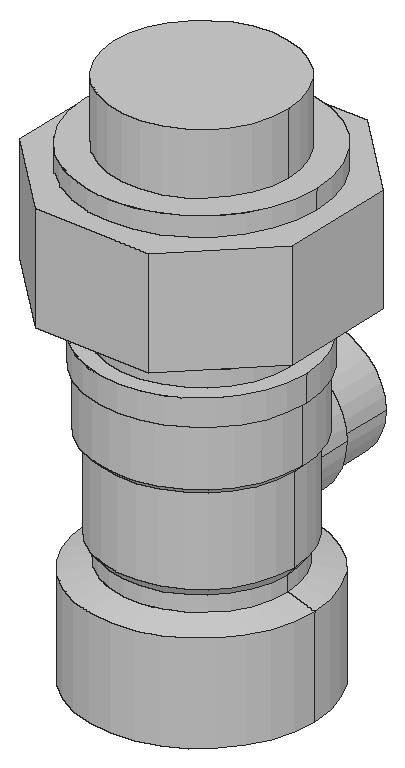
Revit family "ME_Оборудование [кран для нижнего подключения радиатора VT.345R.N]1 - VALTEC", category Оборудование, Revit 2018
Family settings
  Размер круглого соединителя = Использовать диаметр
  Классификация = Нет
  Тип детали = Вставляется
  На основе рабочей плоскости = Нет
  Всегда вертикально = Да
  При загрузке вырезать с полостями = Нет
  Общий = Нет
  Точка расчета площади = Нет
Parameters (values of type "VT.345R.N")
  Таблица 2 = "ME_Оборудование [кран для нижнего подключения радиатора VT.345R.N] - VALTEC - Таблица 2"  # constant formula
  Таблица 1 = "ME_Оборудование [кран для нижнего подключения радиатора VT.345R.N] - VALTEC - Таблица 1"  # constant formula
  Материал доп.2 = Латунь - VALTEC
  Материал доп.1 = Черный - VALTEC
  Изготовитель = "VALTEC"  # constant formula
  dn8 [instance] = size_lookup(Таблица 1, "dn8", 0 mm, d1, d2)  # 26 mm
  dn7 [instance] = size_lookup(Таблица 1, "dn7", 0 mm, d1, d2)  # 31.2 mm
  dn6 [instance] = size_lookup(Таблица 1, "dn6", 0 mm, d1, d2)  # 19.6 mm
  dn15 [instance] = size_lookup(Таблица 1, "dn15", 0 mm, d1, d2)  # 20 mm
  dn14 [instance] = size_lookup(Таблица 1, "dn14", 0 mm, d1, d2)  # 26.5 mm
  dn13 [instance] = size_lookup(Таблица 1, "dn13", 0 mm, d1, d2)  # 13.5 mm
  dn12 [instance] = size_lookup(Таблица 1, "dn12", 0 mm, d1, d2)  # 15.3 mm
  e3 [instance] = size_lookup(Таблица 1, "e3", 0 mm, d1, d2)  # 11.2 mm
  d2 [instance] = 15 mm
  c3 [instance] = size_lookup(Таблица 1, "c3", 0 mm, d1, d2)  # 4.6 mm
  c2 [instance] = size_lookup(Таблица 1, "c2", 0 mm, d1, d2)  # 4.3 mm
  c1 [instance] = size_lookup(Таблица 1, "c1", 0 mm, d1, d2)  # 6.2 mm
  a9 [instance] = size_lookup(Таблица 1, "a9", 0 mm, d1, d2)  # 12.2 mm
  a8 [instance] = size_lookup(Таблица 1, "a8", 0 mm, d1, d2)  # 3.2 mm
  a7 [instance] = size_lookup(Таблица 1, "a7", 0 mm, d1, d2)  # 1.8 mm
  a6 [instance] = size_lookup(Таблица 1, "a6", 0 mm, d1, d2)  # 3 mm
  a5 [instance] = size_lookup(Таблица 1, "a5", 0 mm, d1, d2)  # 6.6 mm
  a4 [instance] = size_lookup(Таблица 1, "a4", 0 mm, d1, d2)  # 0.9 mm
  a3 [instance] = size_lookup(Таблица 1, "a3", 0 mm, d1, d2)  # 3 mm
  a2 [instance] = size_lookup(Таблица 1, "a2", 0 mm, d1, d2)  # 6.9 mm
  a14 [instance] = size_lookup(Таблица 1, "a14", 0 mm, d1, d2)  # 11.3 mm
  a13 [instance] = size_lookup(Таблица 1, "a13", 0 mm, d1, d2)  # 0.9 mm
  a12 [instance] = size_lookup(Таблица 1, "a12", 0 mm, d1, d2)  # 1.8 mm
  a11 [instance] = size_lookup(Таблица 1, "a11", 0 mm, d1, d2)  # 7 mm
  a10 [instance] = size_lookup(Таблица 1, "a10", 0 mm, d1, d2)  # 2.2 mm
  E [instance] = size_lookup(Таблица 1, "E", 0 mm, d1, d2)  # 47 mm
  D [instance] = size_lookup(Таблица 1, "D", 0 mm, d1, d2)  # 42 mm
  C [instance] = size_lookup(Таблица 1, "C", 0 mm, d1, d2)  # 26 mm
  B [instance] = size_lookup(Таблица 1, "B", 0 mm, d1, d2)  # 50 mm
  e2 [instance] = size_lookup(Таблица 1, "e2", 0 mm, d1, d2)  # 0.8 mm
  dn5 [instance] = size_lookup(Таблица 1, "dn5", 0 mm, d1, d2)  # 20.3 mm
  dn4 [instance] = size_lookup(Таблица 1, "dn4", 0 mm, d1, d2)  # 24.1 mm
  dn3 [instance] = size_lookup(Таблица 1, "dn3", 0 mm, d1, d2)  # 23.3 mm
  dn2 [instance] = size_lookup(Таблица 1, "dn2", 0 mm, d1, d2)  # 21.3 mm
  dn1 [instance] = size_lookup(Таблица 1, "dn1", 0 mm, d1, d2)  # 19.7 mm
  d1 [instance] = 20 mm
  e1 [instance] = size_lookup(Таблица 1, "e1", 0 mm, d1, d2)  # 5.9 mm
  a1 [instance] = size_lookup(Таблица 1, "a1", 0 mm, d1, d2)  # 1 mm
  URL = "https://valtec.ru/"
  ADSK_Расход жидкости [instance] = 0.0 L/s
  ADSK_Примечание [instance] = ""
  ADSK_Потеря давления жидкости [instance] = 0.0 Pa
  ADSK_Позиция [instance] = ""
  ADSK_Обозначение [instance] = "VT.345R.N"  # constant formula
  ADSK_Наименование [instance] = size_lookup(Таблица 1, "", "Данный типоразмер отсутствует", d1, d2)  # "Кран для нижнего подключения радиатора , 1/2\" x 3/4\" «евроконус»"
  ADSK_Материал = Сталь, нержавеющая - VALTEC
  ADSK_Масса [instance] = 0
  ADSK_Марка [instance] = size_lookup(Таблица 2, "", "Данный типоразмер отсутствует", d1, d2)  # "VT.345R.N.05"
  ADSK_Код изделия [instance] = size_lookup(Таблица 2, "", "Данный типоразмер отсутствует", d1, d2)  # "VT.345R.N.05"
  ADSK_Завод-изготовитель [instance] = Изготовитель  # "VALTEC"
  ADSK_Единица измерения [instance] = "шт."  # constant formula
  ADSK_URL страницы изделия = "https://valtec.ru/catalog/radiatornaya_armatura/ruchnye_klapany_dlya_radiatorov/kran_dlya_nijnego_podklyucheniya_radiatora_vt345rn.html"
  ADSK_URL документации изделия = "https://valtec.ru/document/technical/VT.345-r-k-na-kna-0119.pdf"
  A [instance] = size_lookup(Таблица 1, "A", 0 mm, d1, d2)  # 35 mm
Reference planes
  plane 1 "По центру (Вперед/Назад)": y = 0
  plane 2: z = 0
  plane 3 "По центру (Влево/Вправо)": x = 0
  plane 4: x = 0
  plane 5: z = 10.5
  plane 6: z = 3.9
  plane 7: z = -7.9
  plane 8: z = -6.9
  plane 9: z = 3
  plane 10: z = 13.5
  plane 11: z = 15.3
  plane 12: z = 18.5
  plane 13: z = 30.7
  plane 14: z = 32.9
  plane 15: z = 39.9
  plane 16 "c1": z = 2.3
  plane 17 "c2": z = -2.3
  plane 18: y = 6.2
  plane 19: x = -0.688
  plane 20: x = 0.688
  plane 21: z = -9.7
  plane 22: z = -10.6
  plane 23: z = -21.9
  plane 24: y = -4.3
  plane 25: y = 11.2
  plane 26: y = 12
  plane 27: y = 17.9
  plane 28: y = 19.871
Forms (mm)
  Extrusion 1, solid, material "Сталь, нержавеющая - VALTEC" <- "ADSK_Материал", detail levels medium+fine
    sketch origin (0, 0, 0) x (1, 0, 0) y (0, 1, 0)
      loop
        circle (0, 0) r 10.65
    from -6.9 to 3
  Blend 2, solid, material "Сталь, нержавеющая - VALTEC" <- "ADSK_Материал", detail levels medium+fine
    base sketch origin (0, 0, 0) x (1, 0, 0) y (0, 1, 0)
      loop
        circle (0, 0) r 9.85
    top sketch origin (0, 0, 0) x (1, 0, 0) y (0, 1, 0)
      loop
        circle (0, 0) r 10.65
    from -7.9 to -6.9
  Blend 3, solid, material "Сталь, нержавеющая - VALTEC" <- "ADSK_Материал", detail levels medium+fine
    base sketch origin (0, 0, 0) x (1, 0, 0) y (0, 1, 0)
      loop
        circle (0, 0) r 10.65
    top sketch origin (0, 0, 0) x (1, 0, 0) y (0, 1, 0)
      loop
        circle (0, 0) r 11.65
    from 3 to 3.9
  Extrusion 4, solid, material "Сталь, нержавеющая - VALTEC" <- "ADSK_Материал", detail levels medium+fine
    sketch origin (0, 0, 0) x (1, 0, 0) y (0, 1, 0)
      loop
        circle (0, 0) r 11.65
    from 3.9 to 10.5
  Extrusion 5, solid, material "Сталь, нержавеющая - VALTEC" <- "ADSK_Материал", detail levels medium+fine
    sketch origin (0, 0, 0) x (1, 0, 0) y (0, 1, 0)
      loop
        circle (0, 0) r 12.05
    from 10.5 to 13.5
  Extrusion 6, solid, material "Сталь, нержавеющая - VALTEC" <- "ADSK_Материал", detail levels medium+fine
    sketch origin (0, 0, 0) x (1, 0, 0) y (0, 1, 0)
      loop
        circle (0, 0) r 10.15
    from 13.5 to 15.3
  Extrusion 7, solid, material "Сталь, нержавеющая - VALTEC" <- "ADSK_Материал", detail levels medium+fine
    sketch origin (0, 0, 0) x (1, 0, 0) y (0, 1, 0)
      loop
        circle (0, 0) r 9.8
    from 18.5 to 15.3
  Extrusion 8, solid, material "Сталь, нержавеющая - VALTEC" <- "ADSK_Материал", detail levels medium+fine
    sketch origin (0, 0, 0) x (1, 0, 0) y (0, 1, 0)
      loop
        circle (0, 0) r 13.25
    from 30.7 to 32.9
  Extrusion 9, solid, material "Сталь, нержавеющая - VALTEC" <- "ADSK_Материал", detail levels medium+fine
    sketch origin (0, 0, 0) x (1, 0, 0) y (0, 1, 0)
      loop
        circle (0, 0) r 10
    from 32.9 to 39.9
  Extrusion 10, solid, material "Сталь, нержавеющая - VALTEC" <- "ADSK_Материал", detail levels medium+fine
    sketch origin (0, 0, 0) x (1, 0, 0) y (0, 0, 1)
      loop
        circle (0, 0) r 6.75
    from -17.9 to -12
  Blend 11, solid, material "Сталь, нержавеющая - VALTEC" <- "ADSK_Материал", detail levels medium+fine
    base sketch origin (0, 0, 0) x (1, 0, 0) y (0, 0, 1)
      loop
        circle (0, 0) r 6.75
    top sketch origin (0, 0, 0) x (1, 0, 0) y (0, 0, 1)
      loop
        circle (0, 0) r 7.65
    from -12 to -11.2
  Extrusion 12, solid, material "Сталь, нержавеющая - VALTEC" <- "ADSK_Материал", detail levels medium+fine
    sketch origin (0, 0, 0) x (1, 0, 0) y (0, 0, 1)
      loop
        circle (0, 0) r 7.65
    from -11.2 to 0
  Extrusion 13, solid, material "Латунь - VALTEC" <- "Материал доп.2", detail levels medium+fine
    sketch origin (0, 0, 0) x (1, 0, 0) y (0, 0, 1)
      loop
        circle (0, 0) r 3.96
    from -17.9 to -19.871
  Extrusion 14, void
    sketch origin (0, 0, 0) x (1, 0, 0) y (0, 1, 0)
      loop
        line (-0.688, 17.9) -> (0.688, 17.9) -> (0.688, 19.871) -> (-0.688, 19.871) -> (-0.688, 17.9)
    from -5 to 5
  Extrusion 15, solid, material "Сталь, нержавеющая - VALTEC" <- "ADSK_Материал", detail levels medium+fine
    sketch origin (0, 0, 0) x (1, 0, 0) y (0, 1, 0)
      loop
        circle (0, 0) r 9.85
    from -9.7 to -7.9
  Blend 16, solid, material "Сталь, нержавеющая - VALTEC" <- "ADSK_Материал", detail levels medium+fine
    base sketch origin (0, 0, 0) x (1, 0, 0) y (0, 1, 0)
      loop
        circle (0, 0) r 9.85
    top sketch origin (0, 0, 0) x (1, 0, 0) y (0, 1, 0)
      loop
        circle (0, 0) r 13
    from -9.7 to -10.6
  Extrusion 17, solid, material "Сталь, нержавеющая - VALTEC" <- "ADSK_Материал", detail levels medium+fine
    sketch origin (0, 0, 0) x (1, 0, 0) y (0, 1, 0)
      loop
        circle (0, 0) r 13
    from -21.9 to -10.6
Cuts and joins
  Extrusion 14 cuts Extrusion 1
  Extrusion 14 cuts Blend 2
  Extrusion 14 cuts Blend 3
  Extrusion 14 cuts Extrusion 4
  Extrusion 14 cuts Extrusion 5
  Extrusion 14 cuts Extrusion 6
  Extrusion 14 cuts Extrusion 7
  Extrusion 14 cuts Extrusion 8
  Extrusion 14 cuts Extrusion 9
  Extrusion 14 cuts Extrusion 10
  Extrusion 14 cuts Blend 11
  Extrusion 14 cuts Extrusion 12
  joined: Extrusion 1, Blend 2, Blend 3, Extrusion 4, Extrusion 5, Extrusion 6, Extrusion 7, Extrusion 8, Extrusion 9, Extrusion 10, Blend 11, Extrusion 12, Extrusion 15, Blend 16, Extrusion 17
  Extrusion 14 cuts Extrusion 13
Lines and regions (mm)
  reference lines
    curve 1: line (0, 0, 32.9) -> (0, 0, -21.9)
  model lines, detail levels coarse
    curve 2: line (-15, 0, -21.9) -> (15, 0, -21.9)
    curve 3: line (15, 0, -21.9) -> (0, 0, 0)
    curve 4: line (0, 0, 0) -> (-15, 0, -21.9)
    curve 5: line (-15, 0, 21.9) -> (15, 0, 21.9)
    curve 6: line (15, 0, 21.9) -> (0, 0, 0)
    curve 7: line (0, 0, 0) -> (-15, 0, 21.9)
    curve 8: line (0, 0, 21.9) -> (0, 0, 39.9)
Dimensions and locks
  plane 3 "По центру (Влево/Вправо)" to plane 4 = 0 mm
  "a1": plane 8 to plane 7
  "a2": plane 2 to plane 8
  "a3": plane 9 to plane 2
  "a4": plane 6 to plane 9
  "a5": plane 5 to plane 6
  "a6": plane 10 to plane 5
  "a7": plane 11 to plane 10
  "a8": plane 12 to plane 11
  "a9": plane 13 to plane 12
  "a10": plane 14 to plane 13
  "a11": plane 15 to plane 14
  equal spacing: plane 16 "c1", level, plane 17 "c2"
  "c3": plane 16 "c1" to plane 17 "c2"
  "c1": plane 1 "По центру (Вперед/Назад)" to plane 18
  locked: plane 19 to plane 4 at 0.688
  locked: plane 4 to plane 20 at 0.688
  "a12": plane 7 to plane 21
  "a13": plane 21 to plane 22
  "a14": plane 22 to plane 23
  "c2": plane 24 to plane 1 "По центру (Вперед/Назад)"
  curve 2 to plane 4 to curve 2 = 15 mm locked, 15 mm locked
  curve 5 to curve 5 = 30 mm
  "e3": plane 25 to plane 1 "По центру (Вперед/Назад)"
  "e2": plane 26 to plane 25
  "e1": plane 27 to plane 26
  locked: plane 28 to plane 27 at 1.971
  "dn2": diameter of Extrusion 1 sketch curve
  "dn1": diameter of Blend 2 sketch curve
  "dn2": diameter of Blend 2 sketch curve
  "dn2": diameter of Blend 3 sketch curve
  "dn3": diameter of Blend 3 sketch curve
  "dn3": diameter of Extrusion 4 sketch curve
  "dn4": diameter of Extrusion 5 sketch curve
  "dn5": diameter of Extrusion 6 sketch curve
  "dn6": diameter of Extrusion 7 sketch curve
  "dn14": diameter of Extrusion 8 sketch curve
  "dn15": diameter of Extrusion 9 sketch curve
  "dn13": diameter of Extrusion 10 sketch curve
  "dn13": diameter of Blend 11 sketch curve
  "dn12": diameter of Blend 11 sketch curve
  "dn12": diameter of Extrusion 12 sketch curve
  diameter of Extrusion 13 sketch curve = 7.92 mm
  "dn1": diameter of Extrusion 15 sketch curve
  "dn1": diameter of Blend 16 sketch curve
  "dn8": diameter of Blend 16 sketch curve
  "dn8": diameter of Extrusion 17 sketch curve
  aligned and locked: level to plane 2
  aligned and locked: plane 4 to Extrusion 1 sketch curve
  aligned and locked: plane 1 "По центру (Вперед/Назад)" to Extrusion 1 sketch curve
  aligned and locked: plane 1 "По центру (Вперед/Назад)" to Blend 2 sketch curve  (x2)
  aligned and locked: plane 4 to Blend 2 sketch curve  (x2)
  aligned and locked: Extrusion 1 to plane 8
  aligned and locked: plane 9 to Extrusion 1
  aligned and locked: Blend 2 to plane 7
  aligned and locked: plane 8 to Blend 2
  aligned and locked: plane 1 "По центру (Вперед/Назад)" to Blend 3 sketch curve  (x2)
  aligned and locked: plane 4 to Blend 3 sketch curve  (x2)
  aligned and locked: plane 4 to Extrusion 4 sketch curve
  aligned and locked: Blend 3 to plane 9
  aligned and locked: plane 6 to Blend 3
  aligned and locked: Extrusion 4 to plane 6
  aligned and locked: plane 5 to Extrusion 4
  aligned and locked: plane 1 "По центру (Вперед/Назад)" to Extrusion 5 sketch curve
  aligned and locked: plane 4 to Extrusion 5 sketch curve
  aligned and locked: Extrusion 5 to plane 5
  aligned and locked: plane 10 to Extrusion 5
  aligned and locked: plane 4 to Extrusion 6 sketch curve
  aligned and locked: plane 1 "По центру (Вперед/Назад)" to Extrusion 6 sketch curve
  aligned and locked: plane 4 to Extrusion 7 sketch curve
  aligned and locked: plane 1 "По центру (Вперед/Назад)" to Extrusion 7 sketch curve
  aligned and locked: Extrusion 6 to plane 10
  aligned and locked: Extrusion 7 to plane 11
  aligned and locked: plane 12 to Extrusion 7
  aligned and locked: plane 11 to Extrusion 6
  aligned and locked: plane 4 to nested 1
  aligned and locked: plane 1 "По центру (Вперед/Назад)" to nested 1
  aligned and locked: nested 1 to plane 12
  aligned and locked: plane 4 to Extrusion 9 sketch curve
  aligned and locked: plane 1 "По центру (Вперед/Назад)" to Extrusion 9 sketch curve
  aligned and locked: Extrusion 8 to plane 13
  aligned and locked: plane 14 to Extrusion 8
  aligned and locked: Extrusion 9 to plane 15
  aligned and locked: level to Extrusion 10 sketch curve
  aligned and locked: plane 4 to Blend 11 sketch curve  (x2)
  aligned and locked: level to Blend 11 sketch curve  (x2)
  aligned and locked: plane 4 to Extrusion 12 sketch curve
  aligned and locked: level to Extrusion 12 sketch curve
  aligned and locked: plane 1 "По центру (Вперед/Назад)" to Extrusion 12
  aligned and locked: plane 4 to Extrusion 13 sketch curve
  aligned and locked: level to Extrusion 13 sketch curve
  aligned and locked: plane 19 to Extrusion 14 sketch curve
  aligned and locked: plane 20 to Extrusion 14 sketch curve
  aligned and locked: cut or joined group 1 (Extrusion 1, Blend 2, Blend 3, Extrusion 4, Extrusion 5, Extrusion 6, Extrusion 7, Extrusion 8, Extrusion 9, Extrusion 10, Blend 11, Extrusion 12, Extrusion 14, Extrusion 15, Blend 16, Extrusion 17) to plane 13
  aligned and locked: cut or joined group 1 to plane 14
  aligned and locked: plane 15 to cut or joined group 1
  aligned and locked: plane 4 to Extrusion 15 sketch curve
  aligned and locked: plane 1 "По центру (Вперед/Назад)" to Extrusion 15 sketch curve
  aligned and locked: Extrusion 15 to plane 21
  aligned and locked: plane 7 to Extrusion 15
  aligned and locked: plane 1 "По центру (Вперед/Назад)" to Extrusion 17 sketch curve
  aligned and locked: plane 4 to Extrusion 17 sketch curve
  aligned and locked: plane 21 to Blend 16
  aligned and locked: Blend 16 to plane 22
  aligned and locked: plane 1 "По центру (Вперед/Назад)" to Blend 16 sketch curve  (x2)
  aligned and locked: plane 4 to Blend 16 sketch curve  (x2)
  aligned and locked: Extrusion 17 to plane 23
  aligned and locked: plane 22 to Extrusion 17
  aligned and locked: plane 23 to curve 1
  aligned and locked: curve 1 to plane 4
  aligned and locked: curve 2 to plane 23
  aligned and locked: level to curve 4
  aligned and locked: plane 15 to curve 8
  aligned and locked: curve 5 to curve 8
  aligned and locked: plane 4 to curve 8
  aligned and locked: plane 14 to curve 1
  aligned and locked: plane 28 to cut or joined group of Extrusion 13, Extrusion 14
  aligned and locked: cut or joined group of Extrusion 13, Extrusion 14 to plane 27
  aligned and locked: plane 28 to Extrusion 14
  aligned and locked: cut or joined group 1 to plane 27
  aligned and locked: plane 27 to cut or joined group 1
  aligned and locked: cut or joined group 1 to plane 26
  aligned and locked: plane 26 to cut or joined group 1  (x2)
  aligned and locked: cut or joined group 1 to plane 25
  aligned and locked: plane 25 to cut or joined group 1
  aligned and locked: plane 1 "По центру (Вперед/Назад)" to Extrusion 8 sketch curve
  aligned and locked: plane 4 to Extrusion 8 sketch curve
  aligned and locked: plane 4 to plane 3 "По центру (Влево/Вправо)"
Automatic sketch dimensions
  Extrusion 10 sketch curve to plane 4 = 0 mm
  curve 7 to plane 4 = 0 mm
  plane 12 to curve 7 = 3.4 mm
  curve 7 to plane 4 = 15 mm
  plane 1 "По центру (Вперед/Назад)" to Extrusion 4 sketch curve = 0 mm
  Extrusion 14 sketch curve to plane 24 = 24.171 mm
  Extrusion 14 sketch curve to Extrusion 14 sketch curve = 1.971 mm
Nested families
  nested 1: "Гайка - вертикаль" at (0, 0, 18.5) x (0.3827, 0.9239, 0) z (0, 0, 1), ADSK_Материал <- "ADSK_Материал", d <- "dn7", h <- "a9", type "Гайка - вертикаль", detail levels medium+fine
    with h 12.2 mm, d 31.2 mm, ADSK_Материал Сталь, нержавеющая - VALTEC
Connectors
  piping at (0, 0, -21.9), diameter 20, driven by "ADSK_Расход жидкости", driven by "d1", driven by "ADSK_Потеря давления жидкости"
    settings: on curve 1, index 1, connector inside diameter 609.6 mm, connector length 0 mm, flow factor 0, pipe flow 0.0 L/s, pressure drop 0.0 Pa, fitting loss kfactor 0, connector angle 0.00°, fixture units 0, engagement length 0 mm, angle of deflection 0.00°, flow configuration 0, flow direction 0, fitting loss method 4, system type 29, joint type 0, gender type 0, connector reference index 4, connector utility 0, adjustable connector no, is connector primary yes, connector description ""
  piping at (0, 0, 32.9), diameter 15, driven by "ADSK_Расход жидкости", driven by "d2"
    settings: on curve 1, index 4, connector inside diameter 609.6 mm, connector length 0 mm, flow factor 0, pipe flow 0.0 L/s, pressure drop 0.0 Pa, fitting loss kfactor 0, connector angle 0.00°, fixture units 0, engagement length 0 mm, angle of deflection 0.00°, flow configuration 0, flow direction 0, fitting loss method 0, system type 29, joint type 0, gender type 0, connector reference index 1, connector utility 0, adjustable connector no, is connector primary no, connector description ""
Definition of nested family "Гайка - вертикаль"
  Parameters (values of type "Гайка - вертикаль")
    h [instance] = 7.5 mm
    d [instance] = 11.918 mm
    ADSK_Материал [instance] = none
  Reference planes
    plane 1 "По центру (Вперед/Назад)": y = 0
    plane 2: z = 0
    plane 3 "По центру (Влево/Вправо)": x = 0
    plane 4: x = -6.45
    plane 5: x = 6.45
    plane 6: through (737.894, 1797.006, 1200) normal (0.9239, -0.3827, 0)
    plane 7: through (765.367, 1847.759, 1200) normal (0.9239, -0.3827, 0)
    plane 8: through (792.839, 1898.512, 1200) normal (0.9239, -0.3827, 0)
    plane 9: through (-737.894, 1797.006, 1200) normal (0.9239, 0.3827, 0)
    plane 10: through (-765.367, 1847.759, 1200) normal (0.9239, 0.3827, 0)
    plane 11: through (-792.839, 1898.512, 1200) normal (0.9239, 0.3827, 0)
    plane 12: through (1845.479, 770.872, 1200) normal (0.3827, -0.9239, 0)
    plane 13: through (1847.759, 765.367, 1200) normal (0.3827, -0.9239, 0)
    plane 14: through (1850.039, 759.861, 1200) normal (0.3827, -0.9239, 0)
    plane 15: through (-1845.479, 770.872, 1200) normal (0.3827, 0.9239, 0)
    plane 16: through (-1847.759, 765.367, 1200) normal (0.3827, 0.9239, 0)
    plane 17: through (-1850.039, 759.861, 1200) normal (0.3827, 0.9239, 0)
    plane 18: z = 7.5
  Forms (mm)
    Extrusion 1, solid, material <- "ADSK_Материал"
      sketch origin (0, 0, 0) x (1, 0, 0) y (0, 1, 0)
        loop
          line (0, 6.45) -> (-4.561, 4.561) -> (-6.45, 0) -> (-4.561, -4.561) -> (0, -6.45) -> (4.561, -4.561) -> (6.45, 0) -> (4.561, 4.561) -> (0, 6.45)
      from 0 to 7.5
  Lines and regions (mm)
    reference lines
      curve 1: line (-5.505, -2.28, 0) -> (5.505, 2.28, 0)
      curve 2: line (-2.28, 5.505, 0) -> (2.28, -5.505, 0)
  Dimensions and locks
    equal spacing: plane 4, plane 3 "По центру (Влево/Вправо)", plane 5
    locked: plane 4 to plane 5 at 12.9
    equal spacing: plane 6, plane 7, plane 8
    "d": plane 6 to plane 8
    equal spacing: plane 9, plane 10, plane 11
    "d": plane 9 to plane 11
    equal spacing: plane 12, plane 13, plane 14
    "d": plane 12 to plane 14
    equal spacing: plane 15, plane 16, plane 17
    "d": plane 15 to plane 17
    "h": plane 18 to plane 2
    aligned and locked: level to plane 2
    aligned and locked: plane 12 to Extrusion 1 sketch curve
    aligned and locked: plane 15 to Extrusion 1 sketch curve
    aligned and locked: plane 9 to Extrusion 1 sketch curve
    aligned and locked: Extrusion 1 sketch curve to plane 8
    aligned and locked: Extrusion 1 sketch curve to plane 14
    aligned and locked: Extrusion 1 sketch curve to plane 17
    aligned and locked: Extrusion 1 sketch curve to plane 11
    aligned and locked: plane 6 to Extrusion 1 sketch curve
    aligned and locked: plane 18 to Extrusion 1
    aligned and locked: plane 12 to curve 2
    aligned and locked: plane 14 to curve 2
    aligned and locked: plane 9 to curve 1
    aligned and locked: plane 11 to curve 1
    aligned and locked: curve 1 to plane 13
    aligned and locked: curve 2 to plane 10
